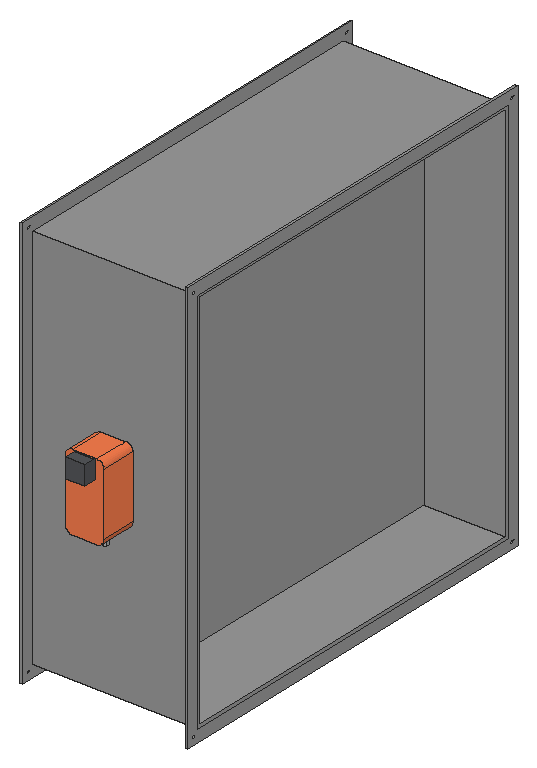
Revit family "КП-1", category Арматура воздуховодов, Revit 2021
Family settings
  Размер круглого соединителя = Использовать диаметр
  Тип детали = Присоединяется
  На основе рабочей плоскости = Нет
  Всегда вертикально = Да
  При загрузке вырезать с полостями = Нет
  Общий = Нет
Parameters (values of type "КП-1-800х800-2-ПВП230Т-СН")
  Ширина = B2  # 860 mm
  Частота = 50 Hz  # constant formula
  Установлена потужність = 11 VA
  Статичний тиск повітря [instance] = 0.0 Pa
  Размещение привода (снаружи) = yes
  Размещение привода (внутри) = no
  Повітряний потік [instance] = 0.0 L/s
  Отметка по умолчанию = 0 mm
  Напруга = 230 V
  Максимальний потік повітря [instance] = 0.0 L/s
  Класифікація навантаження = "HVAC"
  Изготовитель = "Вентс"  # constant formula
  Довжина = 350 mm  # constant formula
  Два фланца [instance] = yes
  Висота = A2  # 860 mm
  Вага = 30.10 kg
  URL = "https://vents.ua/ua/series/kp-1-pkp-kp-1-pvp-kp-1-psp#downloads"
  B = 800 mm
  An = A + 10 mm  # 810 mm
  A3 = A / 2  # 400 mm
  A2 = 860 mm
  A1 = 830 mm
  Bn = B + 10 mm  # 810 mm
  B3 = B1 / 2  # 415 mm
  B2 = 860 mm
  Матеріал зони обслуговуваня = none
  Матеріал корпусу = Сталь, гальванізована
  B1 = 830 mm
  A = 800 mm
  09_Назва системи [instance] = ""
  00_20_Тип = "КП-1-800х800-2-ПВП230Т-СН"
  00_20_Назва = "Клапан протипожежний вогнезатримувальний"
  00_20_Виробник = "Вентс"  # constant formula
Types (22, lengths in mm): name | Ширина | Установлена потужність | Висота | Вага | URL | B | An | A3 | A2 | A1 | Bn | B3 | B2 | B1 | A | 00_20_Тип
  (no name) | 860 | 11 VA | 860 | 30.10 kg | "https://vents.ua/ua/series/kp-1-pkp-kp-1-pvp-kp-1-psp#downloads" | 800 | 810 | 400 | 860 | 830 | 810 | 415 | 860 | 830 | 800 | "КП-1-800х800-2-ПВП230Т-СН"
  КП-1-200х200-2-ПВП230Т-СН | 240 | 6.5 VA | 240 | 6.20 kg | "https://vents.ua/ua/series/kp-1-pkp-kp-1-pvp-kp-1-psp#downloads" | 200 | 210 | 100 | 240 | 220 | 210 | 110 | 240 | 220 | 200 | "КП-1-200х200-2-ПВП230Т-СН"
  КП-1-1000х1000-2-ПВП230Т-СН | 1060 | 11 VA | 1060 | 41.70 kg | "https://vents.ua/ua/series/kp-1-pkp-kp-1-pvp-kp-1-psp" | 1000 | 1010 | 500 | 1060 | 1030 | 1010 | 515 | 1060 | 1030 | 1000 | "КП-1-1000х1000-2-ПВП230Т-СН"
  КП-1-250х200-2-ПВП230Т-СН | 240 | 10 VA | 290 | 6.80 kg | "https://vents.ua/ua/series/kp-1-pkp-kp-1-pvp-kp-1-psp#downloads" | 200 | 260 | 125 | 290 | 270 | 210 | 110 | 240 | 220 | 250 | "КП-1-250х200-2-ПВП230Т-СН"
  КП-1-250х250-2-ПВП230Т-СН | 290 | 10 VA | 290 | 7.30 kg | "https://vents.ua/ua/series/kp-1-pkp-kp-1-pvp-kp-1-psp#downloads" | 250 | 260 | 125 | 290 | 270 | 260 | 135 | 290 | 270 | 250 | "КП-1-250х250-2-ПВП230Т-СН"
  КП-1-300х200-2-ПВП230Т-СН | 240 | 10 VA | 340 | 7.30 kg | "https://vents.ua/ua/series/kp-1-pkp-kp-1-pvp-kp-1-psp#downloads" | 200 | 310 | 150 | 340 | 320 | 210 | 110 | 240 | 220 | 300 | "КП-1-300х200-2-ПВП230Т-СН"
  КП-1-300х250-2-ПВП230Т-СН | 290 | 10 VA | 340 | 7.90 kg | "https://vents.ua/ua/series/kp-1-pkp-kp-1-pvp-kp-1-psp#downloads" | 250 | 310 | 150 | 340 | 320 | 260 | 135 | 290 | 270 | 300 | "КП-1-300х250-2-ПВП230Т-СН"
  КП-1-300х300-2-ПВП230Т-СН | 340 | 10 VA | 340 | 8.50 kg | "https://vents.ua/ua/series/kp-1-pkp-kp-1-pvp-kp-1-psp#downloads" | 300 | 310 | 150 | 340 | 320 | 310 | 160 | 340 | 320 | 300 | "КП-1-300х300-2-ПВП230Т-СН"
  КП-1-400х250-2-ПВП230Т-СН | 290 | 10 VA | 440 | 9.10 kg | "https://vents.ua/ua/series/kp-1-pkp-kp-1-pvp-kp-1-psp#downloads" | 250 | 410 | 200 | 440 | 420 | 260 | 135 | 290 | 270 | 400 | "КП-1-400х250-2-ПВП230Т-СН"
  КП-1-400х300-2-ПВП230Т-СН | 340 | 10 VA | 440 | 9.80 kg | "https://vents.ua/ua/series/kp-1-pkp-kp-1-pvp-kp-1-psp#downloads" | 300 | 410 | 200 | 440 | 420 | 310 | 160 | 340 | 320 | 400 | "КП-1-400х300-2-ПВП230Т-СН"
  КП-1-400х400-2-ПВП230Т-СН | 440 | 10 VA | 440 | 11.30 kg | "https://vents.ua/ua/series/kp-1-pkp-kp-1-pvp-kp-1-psp#downloads" | 400 | 410 | 200 | 440 | 420 | 410 | 210 | 440 | 420 | 400 | "КП-1-400х400-2-ПВП230Т-СН"
  КП-1-500х300-2-ПВП230Т-СН | 340 | 10 VA | 540 | 10.70 kg | "https://vents.ua/ua/series/kp-1-pkp-kp-1-pvp-kp-1-psp#downloads" | 300 | 510 | 250 | 540 | 520 | 310 | 160 | 340 | 320 | 500 | "КП-1-500х300-2-ПВП230Т-СН"
  КП-1-500х400-2-ПВП230Т-СН | 440 | 10 VA | 540 | 12.90 kg | "https://vents.ua/ua/series/kp-1-pkp-kp-1-pvp-kp-1-psp#downloads" | 400 | 510 | 250 | 540 | 520 | 410 | 210 | 440 | 420 | 500 | "КП-1-500х400-2-ПВП230Т-СН"
  КП-1-500х500-2-ПВП230Т-СН | 560 | 10 VA | 560 | 16.60 kg | "https://vents.ua/ua/series/kp-1-pkp-kp-1-pvp-kp-1-psp#downloads" | 500 | 510 | 250 | 560 | 530 | 510 | 265 | 560 | 530 | 500 | "КП-1-500х500-2-ПВП230Т-СН"
  КП-1-600х400-2-ПВП230Т-СН | 440 | 10 VA | 640 | 14.50 kg | "https://vents.ua/ua/series/kp-1-pkp-kp-1-pvp-kp-1-psp#downloads" | 400 | 610 | 300 | 640 | 620 | 410 | 210 | 440 | 420 | 600 | "КП-1-600х400-2-ПВП230Т-СН"
  КП-1-600х500-2-ПВП230Т-СН | 560 | 11 VA | 660 | 18.40 kg | "https://vents.ua/ua/series/kp-1-pkp-kp-1-pvp-kp-1-psp" | 500 | 610 | 300 | 660 | 630 | 510 | 265 | 560 | 530 | 600 | "КП-1-600х500-2-ПВП230Т-СН"
  КП-1-600х600-2-ПВП230Т-СН | 660 | 11 VA | 660 | 20.60 kg | "https://vents.ua/ua/series/kp-1-pkp-kp-1-pvp-kp-1-psp#downloads" | 600 | 610 | 300 | 660 | 630 | 610 | 315 | 660 | 630 | 600 | "КП-1-600х600-2-ПВП230Т-СН"
  КП-1-800х500-2-ПВП230Т-СН | 560 | 11 VA | 860 | 22.30 kg | "https://vents.ua/ua/series/kp-1-pkp-kp-1-pvp-kp-1-psp#downloads" | 500 | 810 | 400 | 860 | 830 | 510 | 265 | 560 | 530 | 800 | "КП-1-800х500-2-ПВП230Т-СН"
  КП-1-800х600-2-ПВП230Т-СН | 660 | 11 VA | 860 | 24.80 kg | "https://vents.ua/ua/series/kp-1-pkp-kp-1-pvp-kp-1-psp#downloads" | 600 | 810 | 400 | 860 | 830 | 610 | 315 | 660 | 630 | 800 | "КП-1-800х600-2-ПВП230Т-СН"
  КП-1-800х800-2-ПВП230Т-СН | 860 | 11 VA | 860 | 30.10 kg | "https://vents.ua/ua/series/kp-1-pkp-kp-1-pvp-kp-1-psp#downloads" | 800 | 810 | 400 | 860 | 830 | 810 | 415 | 860 | 830 | 800 | "КП-1-800х800-2-ПВП230Т-СН"
  КП-1-1000х600-2-ПВП230Т-СН | 660 | 11 VA | 1060 | 29.00 kg | "https://vents.ua/ua/series/kp-1-pkp-kp-1-pvp-kp-1-psp" | 600 | 1010 | 500 | 1060 | 1030 | 610 | 315 | 660 | 630 | 1000 | "КП-1-1000х600-2-ПВП230Т-СН"
  КП-1-1000х800-2-ПВП230Т-СН | 860 | 11 VA | 1060 | 35.40 kg | "https://vents.ua/ua/series/kp-1-pkp-kp-1-pvp-kp-1-psp#downloads" | 800 | 1010 | 500 | 1060 | 1030 | 810 | 415 | 860 | 830 | 1000 | "КП-1-1000х800-2-ПВП230Т-СН"
Reference planes
  plane 1 "По центру (Вперед/Назад)": y = 0
  plane 2: z = 0
  plane 3 "По центру (Влево/Вправо)": x = 0
  plane 4: z = 415
  plane 5: z = -415
  plane 6: y = 415
  plane 7: y = -415
Forms (mm)
  Extrusion 1, solid, material "Сталь, гальванізована", visible <- "Два фланца"
    sketch origin (0, 0, 0) x (0, 1, 0) y (0, 0, 1)
      loop
        line (405, -405) -> (405, 405) -> (-405, 405) -> (-405, -405) -> (405, -405)
      loop
        line (430, -430) -> (430, 430) -> (-430, 430) -> (-430, -430) -> (430, -430)
      loop
        circle (415, 415) r 4.25
      loop
        circle (-415, 415) r 4.25
      loop
        circle (-415, -415) r 4.25
      loop
        circle (415, -415) r 4.25
    from 170 to 175
  Extrusion 2, solid, material "Сталь, гальванізована"
    sketch origin (0, 0, 0) x (0, 1, 0) y (0, 0, 1)
      loop
        line (400, -400) -> (400, 400) -> (-400, 400) -> (-400, -400) -> (400, -400)
      loop
        line (430, -430) -> (430, 430) -> (-430, 430) -> (-430, -430) -> (430, -430)
      loop
        circle (415, -415) r 4.25
      loop
        circle (-415, -415) r 4.25
      loop
        circle (-415, 415) r 4.25
      loop
        circle (415, 415) r 4.25
    from -170 to -175
  Extrusion 3, solid, material "Сталь, гальванізована"
    sketch origin (0, 0, 0) x (0, 1, 0) y (0, 0, 1)
      loop
        line (400, -400) -> (400, 400) -> (-400, 400) -> (-400, -400) -> (400, -400)
      loop
        line (405, -405) -> (405, 405) -> (-405, 405) -> (-405, -405) -> (405, -405)
    from -170 to 175
  Extrusion 4, solid, material "Сталь, гальванізована"
    sketch origin (0, 0, 0) x (0, 1, 0) y (0, 0, 1)
      loop
        line (400, -400) -> (400, 400) -> (-400, 400) -> (-400, -400) -> (400, -400)
    from 2.5 to -2.5
Dimensions and locks
  equal spacing: Extrusion 1 sketch curve, level, Extrusion 1 sketch curve  (x2)
  equal spacing: Extrusion 1 sketch curve, plane 1 "По центру (Вперед/Назад)", Extrusion 1 sketch curve  (x2)
  "An": Extrusion 1 sketch curve to Extrusion 1 sketch curve
  "Bn": Extrusion 1 sketch curve to Extrusion 1 sketch curve
  "A2": Extrusion 1 sketch curve to Extrusion 1 sketch curve
  "B2": Extrusion 1 sketch curve to Extrusion 1 sketch curve
  equal spacing: plane 4, level, plane 5
  "B1": plane 4 to plane 5
  equal spacing: plane 6, plane 1 "По центру (Вперед/Назад)", plane 7
  "A1": plane 6 to plane 7
  equal spacing: Extrusion 2 sketch curve, plane 1 "По центру (Вперед/Назад)", Extrusion 2 sketch curve  (x2)
  "A": Extrusion 2 sketch curve to Extrusion 2 sketch curve
  "A2": Extrusion 2 sketch curve to Extrusion 2 sketch curve
  equal spacing: Extrusion 2 sketch curve, level, Extrusion 2 sketch curve  (x2)
  "B": Extrusion 2 sketch curve to Extrusion 2 sketch curve
  "B2": Extrusion 2 sketch curve to Extrusion 2 sketch curve
  equal spacing: Extrusion 3 sketch curve, plane 1 "По центру (Вперед/Назад)", Extrusion 3 sketch curve  (x2)
  "A": Extrusion 3 sketch curve to Extrusion 3 sketch curve
  equal spacing: Extrusion 3 sketch curve, level, Extrusion 3 sketch curve  (x2)
  "B": Extrusion 3 sketch curve to Extrusion 3 sketch curve
  "Bn": Extrusion 3 sketch curve to Extrusion 3 sketch curve
  "An": Extrusion 3 sketch curve to Extrusion 3 sketch curve
  equal spacing: Extrusion 4 sketch curve, plane 1 "По центру (Вперед/Назад)", Extrusion 4 sketch curve
  "A": Extrusion 4 sketch curve to Extrusion 4 sketch curve
  equal spacing: Extrusion 4 sketch curve, level, Extrusion 4 sketch curve
  "B": Extrusion 4 sketch curve to Extrusion 4 sketch curve
  "B3": nested 1 to plane 5
  "B3": plane 4 to nested 2
  "A3": nested 2 to plane 1 "По центру (Вперед/Назад)"
  aligned and locked: level to plane 2
  aligned and locked: Extrusion 3 to Extrusion 2
Automatic sketch dimensions
  Extrusion 1 sketch curve to plane 4 = 0 mm
  Extrusion 1 sketch curve to plane 7 = 0 mm  (x2)
  Extrusion 1 sketch curve to plane 5 = 0 mm
  plane 5 to Extrusion 1 sketch curve = 0 mm
  Extrusion 1 sketch curve to plane 6 = 0 mm  (x2)
  plane 4 to Extrusion 1 sketch curve = 0 mm
  Extrusion 2 sketch curve to plane 5 = 0 mm
  Extrusion 2 sketch curve to plane 7 = 0 mm  (x2)
  Extrusion 2 sketch curve to plane 4 = 0 mm
  plane 4 to Extrusion 2 sketch curve = 0 mm
  Extrusion 2 sketch curve to plane 6 = 0 mm  (x2)
  plane 5 to Extrusion 2 sketch curve = 0 mm
  radius of Extrusion 1 sketch curve = 4.25 mm  (x4)
  radius of Extrusion 2 sketch curve = 4.25 mm  (x4)
Nested families
  nested 1: "ADSK_Электропривод" at (0, -405, 0) x (1, 0, 0) z (0, -1, 0), visible <- "Размещение привода (снаружи)", type "BLF"
  nested 2: "ADSK_Электропривод" at (42.5, -300, 0) x (1, 0, 0) z (0, -1, 0), visible <- "Размещение привода (внутри)", type "BLF"
Connectors
  hvac at (175, 0, 0), driven by "A", driven by "B"
    settings: on Extrusion 3, index 1, duct flow 0.0 L/s, flow factor 0, pres drop 0.0 Pa, loss coef 0, conn angle 0.00°, conn width 800 mm, conn height 800 mm, conn diameter 609.6 mm, duct sys type 3, conn prof type 1, flow config 0, flow direction 2, loss method 0, conn ref index -1, conn util no, is conn primary yes, conn desc ""
  hvac at (-175, 0, 0), driven by "A", driven by "B"
    settings: on Extrusion 2, index 2, duct flow 0.0 L/s, flow factor 0, pres drop 0.0 Pa, loss coef 0, conn angle 0.00°, conn width 800 mm, conn height 800 mm, conn diameter 609.6 mm, duct sys type 3, conn prof type 1, flow config 0, flow direction 1, loss method 0, conn ref index -1, conn util no, is conn primary no, conn desc ""
Definition of nested family "ADSK_Электропривод"
  Parameters (values of type "BLF")
    Default Elevation = 1219.2 mm
    Материал корпуса = none
    Материал коробки = none
  Reference planes
    plane 1 "По центру (Вперед/Назад)": y = 0
    plane 2: z = 0
    plane 3 "По центру (Влево/Вправо)": x = 0
  Forms (mm)
    Extrusion 1, solid, material <- "Материал корпуса"
      sketch origin (0, -1.292, 0) x (1, 0, 0) y (0, 1, 0)
        loop
          arc (-25, 81.292) -> (-35.607, 76.899) -> (-40, 66.292) r 15
          line (-40, 66.292) -> (-40, -63.708)
          arc (-40, -63.708) -> (-35.607, -74.314) -> (-25, -78.708) r 15
          line (-25, -78.708) -> (25, -78.708)
          arc (25, -78.708) -> (35.607, -74.314) -> (40, -63.708) r 15
          line (40, -63.708) -> (40, 66.292)
          arc (40, 66.292) -> (35.607, 76.899) -> (25, 81.292) r 15
          line (25, 81.292) -> (-25, 81.292)
      from 0 to 75
    Extrusion 2, solid, material <- "Материал коробки"
      sketch origin (0, -1.292, 90) x (1, 0, 0) y (0, 1, 0)
        loop
          line (-20, 79.66) -> (-20, 39.66) -> (20, 39.66) -> (20, 79.66) -> (-20, 79.66)
      from -15 to 10
    Extrusion 3, solid
      sketch origin (-5, -80, -46.965) x (1, 0, 0) y (0, 0, -1)
        loop
          line (-10, -80) -> (-14.33, -82.5) -> (-14.33, -87.5) -> (-10, -90) -> (-5.67, -87.5) -> (-5.67, -82.5) -> (-10, -80)
      from 0 to -20
    Extrusion 4, solid
      sketch origin (5, -80, -46.965) x (-1, 0, 0) y (0, 0, 1)
        loop
          line (-10, 80) -> (-5.67, 82.5) -> (-5.67, 87.5) -> (-10, 90) -> (-14.33, 87.5) -> (-14.33, 82.5) -> (-10, 80)
      from 0 to -20
    Extrusion 5, solid
      sketch origin (0, 0, 0) x (1, 0, 0) y (0, 1, 0)
        loop
          circle (0, 58.367) r 6
      from 0 to -100
  Dimensions and locks
    equal spacing: Extrusion 1, plane 1 "По центру (Вперед/Назад)", Extrusion 1
    Extrusion 1 to Extrusion 1 = 160 mm
    level to Extrusion 2 = 100 mm
    aligned and locked: level to plane 2
    aligned and locked: Extrusion 2 to Extrusion 1
  Automatic sketch dimensions
    Extrusion 1 sketch curve to plane 3 "По центру (Влево/Вправо)" = 40 mm
    Extrusion 1 sketch curve to Extrusion 1 sketch curve = 15 mm  (x3)
    plane 3 "По центру (Влево/Вправо)" to Extrusion 1 sketch curve = 25 mm  (x2)
    plane 1 "По центру (Вперед/Назад)" to Extrusion 1 sketch curve = 80 mm
    Extrusion 1 sketch curve to plane 1 "По центру (Вперед/Назад)" = 65 mm
    Extrusion 2 sketch curve to plane 3 "По центру (Влево/Вправо)" = 20 mm
    plane 3 "По центру (Влево/Вправо)" to Extrusion 2 sketch curve = 20 mm
    Extrusion 2 sketch curve to plane 1 "По центру (Вперед/Назад)" = 38.367 mm
    Extrusion 2 sketch curve to Extrusion 2 sketch curve = 40 mm
    Extrusion 3 sketch curve to plane 3 "По центру (Влево/Вправо)" = 19.33 mm
    Extrusion 3 sketch curve to Extrusion 3 sketch curve = 4.33 mm  (x3)
    level to Extrusion 3 sketch curve = 43.035 mm
    Extrusion 3 sketch curve to Extrusion 3 sketch curve = 2.5 mm  (x3)
    Extrusion 3 sketch curve to Extrusion 3 sketch curve = 5 mm  (x2)
    plane 3 "По центру (Влево/Вправо)" to Extrusion 4 sketch curve = 19.33 mm
    Extrusion 4 sketch curve to Extrusion 4 sketch curve = 4.33 mm  (x3)
    level to Extrusion 4 sketch curve = 33.035 mm
    Extrusion 4 sketch curve to Extrusion 4 sketch curve = 2.5 mm  (x3)
    Extrusion 4 sketch curve to Extrusion 4 sketch curve = 5 mm  (x2)
    Extrusion 5 sketch curve to plane 3 "По центру (Влево/Вправо)" = 0 mm
    Extrusion 5 sketch curve to plane 1 "По центру (Вперед/Назад)" = 58.367 mm
    radius of Extrusion 5 sketch curve = 6 mm
